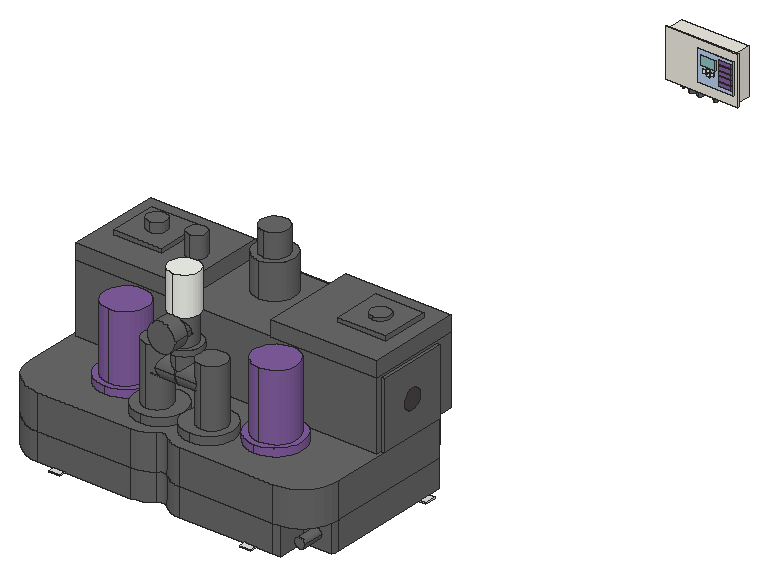
Revit family "11012", category Generic Models, Revit 2021
Family settings
  Can host rebar = No
  Round Connector Dimension = Use Diameter
  Part Type = Normal
  Work Plane-Based = No
  Always vertical = Yes
  Cut with Voids When Loaded = No
  Shared = Yes
  Room Calculation Point = No
Parameters (values of type "11012")
  SUPPLIER = "KESSEL"
  SA700ID49 = "Protection Class I"
  SA700ID48 = "no"
  SA700ID47 = "no"
  SA700ID46 = "yes"
  SA700ID37 = 7000 mm
  SA700ID34 = 38
  SA700ID33 = 1.6 W
  SA700ID32 = 111.59 kg
  SA700ID31 = 1
  SA700ID30 = 2
  SA700ID29 = "RWDR"
  SA700ID21 = 700
  SA700ID10 = "No"
  SA700ID08 = 230 V
  PROCUREWEBLINK = "https://p.caden.as/kessel/11012"
  PROCURELINK = "p.caden.as/kessel/11012"
  PROCUREDATALASTUPDATE = "2024-05-22T12:17:49.690362474+01:00"
  PREVIEW = "../../bilder/ksb_w_11012.png"
  PRC_SPECIFICATIONLINK = "https://ausschreiben.de/catalog/kessel/catalogItem/db8012bd-9644-458f-8165-6082f4fd1b46"
  NN = "Lifting station Aqualift F XL"
  NBSYN = "$SA810ID03."
  NB = "11012"
  Model = "11012"
  Manufacturer = "KESSEL"
  MIdent = "{$CADENAS_DATA/23d-libs/kessel/kessel_vdi_import/4/entwaesserung/hebeanlage20aqualift20f20xl.prj},201 {STYP=ASS},{VTYP=3D},{NB=11012},{LINA=11012},{NN=Lifting station Aqualift F XL},{DATE=21.11.2022 10:48:11},{GEOMDATE=21.11.2022 10:48:11},{VERSION=},{LINEID=350},{WBVAR=LODLEVEL},{WBNUMERIC=LODLEVEL}  {NB=11012},{LINA=11012},{KT=DUMMY},{PREVIEW=../../bilder/ksb_w_11012.png},{SA700ID04=Hebeanlage Aqualift F XL 300 l, Duo, SPF 1400-S3, Schieber},{SA810ID06=04026092056790},{SA700ID34=38.00},{SA010ID03=201805},{SA810ID03=11012},{SA810ID10=Aqualift F XL 1400W-S3 Duo 300L m.S.KESSEL Aqualift F XL Hebeanlage für fäkalienhaltiges und fäkalienfreies Abwasser. Zur Aufstellung in frostgeschützten Räumen.Duoanlage mit zwei Pumpen des Typs SPF 1400-S3 Sammelbehälter aus Polyethylen, mit verschraubter Reinigungsöffnung,Anschlussstutzen für Zulauf von oben DN100/150.Inklusive Tauchrohr zur pneumatischen Niveauerfassung,Entlüftungsanschluss DN 70 und Anschluss für eine Handmembranpumpe DN 32.Behälter inklusive Haltewinkel zur Auftriebssicherung.Behältervolumen 300 Liter, max. Nutzvolumen bei Zulauf von oben ca. 175 Liter.Zwei seitliche und drei rückseitige Anbohrflächen zur Montage weiterer Zuläufe bis DN 200 unter Verwendung von Durchgangsdichtungen.Inklusive KESSEL Schaltgerät Aqualift Comfort 230 V.Anwenderfreundliche Menüführung im mehrzeiligem Display. MitSelbstdiagnosesystem (SDS) und Erinnerungsfunktion für nächste Wartung.Anzeige der aktuellen Messwerte. Einfache Einstellung derfunktionsrelevanten Parameter, inklusive Betriebsstundenzähler und Anschlussmöglichkeit für potentialfreien Kontakt. OptionaleWeiterleitung von Alarm- und Sammelstörmeldung über GSM Schnittstelle.Schaltgerät mit Volltextanzeige in sechs Sprachen.Abwasserpumpe(n) mit Freistromrad zur Förderung von fäkalienfreiem und fäkalienhaltigem Abwasser gemäß DIN EN 12050-1. Freier Kugeldurchgang mindestens 40 mm. Pumpe(n) überflutungssicher. Inklusive Rückflussverhinderer, mit Druckabgang aus Kunststoff DN 100. Inklusive Absperrschieber.Pumpe(n) Typ SPF 1400-S3Fördermenge: max. 38 m³/hFörderhöhe: max. 7 mNennleistung (P2): 1,1 KW je PumpeAufnahmeleistung (P1): 1,6 KW je PumpeBetriebsspannung: 230 V WSNennfrequenz: 50 HzNennstrom: 7,3 AAbsicherung: 1 x 16 A trägeSchutzart (Pumpe): IP68 3mWS/48hSchutzart (Schaltgerät): IP 65Bertiebsart: S3 (50 % Einschaltdauer)Kabellänge: 5 mAußenmaße Anlage mit 300 Liter Behälter (BxTxH): 1260 x 760 x 770 mm},{SA700ID37=7.00},{SA700ID33=1.60},{SA700ID08=230},{SA700ID30=2},{SA700ID32=111.59},{SA700ID49=Schutzklasse I},{SA700ID50=nein},{SA200ID03=6},{SA250ID03=vertikal},{SA260ID03=Trockenläuferpumpe},{SA350ID03=normalansaugend},{SA400ID03=E-Motor für Wechselstrom},{SA460ID03=direkt},{SA500ID03=Kunststoff, Edelstahl},{SA700ID06=100},{SA700ID07=100},{SA700ID09=1/N/PE 230V},{SA700ID10=Nein},{SA700ID11=50},{SA700ID12=IP 68},{SA700ID13=F},{SA700ID15=40},{SA700ID21=700.00},{SA700ID22=1.10},{SA700ID23=1370},{SA700ID24=1370},{SA700ID26=7.30},{SA700ID27=23.00},{SA700ID28=durchgehend},{SA700ID29=RWDR},{SA700ID31=1},{SA700ID46=ja},{SA700ID47=nein},{SA700ID48=nein},{SA110ID04=Hebeanlage Aqualift F XL},{SA300ID03=einstufig},{SA700ID44=10.00},{SA700ID45=10.00},{SA010ID04=KESSEL AG},{LODLEVEL=200},{LINK=https://www.kessel.de/info?han=11012},{SA970ID01=970},{SA970ID02=7172},{SA970ID03=11012},{SA970ID04=11002617},{SA970ID05=QUAD},{SA970ID06=-655.51},{SA970ID07=-635.99},{SA970ID08=0},{SA970ID09=1},{SA970ID10=0},{SA970ID11=0},{SA970ID12=0},{SA970ID13=1},{SA970ID14=0},{SA970ID15=1311.02},{SA970ID16=785.99},{SA970ID17=818.99},{LODLEVEL_=200,'Low'},{LODLEVEL_DEU=200,'Low'},{LINK_=https://www.kessel.de/info?han=11012},{LINK_DEU=https://www.kessel.de/info?han=11012},{LODLEVEL_3DB=11012_200},{DNIN1=100},{DNIN2=70},{DNIN4=10},{DNIN5=10},{DNIN6=50},{DNIN7=50},{DNIN8=50},{DNIN9=50},{DNOUT1=32},{DNOUT2=100},{DNOUT3=70},{ISD1=96},{ISD2=10},{ISDOUT1=40},{ISDOUT2=60},{ISDOUT3=65},{SA010ID01=010},{SA010ID02=4},{SA010ID06=www.kessel.de},{SA010ID07=www.kessel.de},{SA010ID12=20180713},{SA010ID13=DEU},{SA010ID14=DE},{SA100ID01=100},{SA100ID02=4},{SA100ID04=Entwässerung},{SA110ID01=110},{SA110ID02=6},{SA200ID01=200},{SA200ID02=6},{SA250ID01=250},{SA250ID02=2},{SA260ID01=260},{SA260ID02=2},{SA300ID01=300},{SA300ID02=1},{SA350ID01=350},{SA350ID02=1},{SA400ID01=400},{SA400ID02=1},{SA460ID01=460},{SA460ID02=1},{SA500ID01=500},{SA500ID02=1},{SA700ID01=700},{SA700ID02=42},{SA700ID10_=0},{SA700ID16=0},{SA700ID25=0},{SA700ID46_=1},{SA700ID47_=0},{SA700ID48_=0},{SA700ID49_=1},{SA700ID50_=0},{SA800ID01=800},{SA800ID02=6},{SA810ID01=810},{SA810ID02=42},{SA810ID04=11012},{SA810ID07=42},{SA810ID09=1},{SA810ID14=PCE},{SA810ID15=1},{SA810ID16=NMP},{SA960ID03=42},{SA960ID04=3L},{SA960ID08=https://www.kessel.de/info?han=11012},{SA010ID08=4026092000007},{SA100ID05=Hebeanlage},{SA110ID06=Hebeanlage}"
  LINK = "https://www.kessel.de/info?han=11012"
  LINA = "11012"
  Default Elevation = 0 mm
  CREATOR = "CADENAS GmbH"
  CATALOG = "KESSEL"
  BOMINFO = "LINA"
  ARTICLENO = "NB"
  4.810.00.9 Order quantity (multiplicator) = "1"
  4.810.00.7 Media- connection number = "42"
  4.810.00.6 GTIN number = "04026092056790"
  4.810.00.4 DATANORM number = "11012"
  4.810.00.3 Producer order number = "11012"
  4.710.03.7 Mass (net) = 111.59 kg
  4.710.03.6 Height = 806 mm
  4.710.03.5 Width = 760 mm
  4.710.03.4 Length = 1260 mm
  4.710.03.3 Type of dimensions = "2"
  4.710.02.8 Area of application of wastewater pump = "1"
  4.710.02.7 Art des S2/S3-Betriebs = "50 %"
  4.710.02.6 Duty type = "S3"
  4.710.02.5 Cutting device = "0"
  4.710.02.4 Attached pump control = "1"
  4.710.02.3 Free passage = 40 mm
  4.710.01.6 Option to connect to building automation = "40"
  4.710.01.5 Load regulation = "0"
  4.710.01.4 Designation of closed-loop control = "175"
  4.710.01.3 Identifier for closed-loop control = "300"
  4.700.00.9 Voltage = 0
  4.700.00.8 Nominal connection size on suction side = "100"
  4.700.00.7 Nominal connection size on pressure side = "100"
  4.700.00.6 Type of connection = "100"
  4.700.00.4 Product indentification = "Hebeanlage Aqualift F XL 300 l, Duo, SPF 1400-S3, Schieber"
  4.700.00.28 Motor pump shaft = "durchgehend"
  4.700.00.27 Starting current = 23
  4.700.00.26 Maximum power consumption per pump / drive = 7.3
  4.700.00.25 Minimum speed at internal speed adjustment = 0
  4.700.00.24 Nominal speed / maximum speed n = 22.8333
  4.700.00.23 Nominal speed of motor = 22.8333
  4.700.00.22 Maximum shaft output (P2) per pump/drive = 1.1 W
  4.700.00.16 Maximum temperature of pumped medium = 0 °C
  4.700.00.15 Increased safety class = "40 °C"
  4.700.00.13 Type of protection = "F"
  4.700.00.12 Frequency = 0
  4.700.00.11 Stern-/Dreieck-Anlaufschaltung bei Dreiphasenanschluss oder Drehstrom = "50 Hz"
  4.700.00.10 Phase = "0"
  4.500.00.3 Variant / Variant type / Accessories-name = "Kunststoff, Edelstahl"
  4.460.00.3 Variant / Variant type / Accessories-name = "direkt"
  4.400.00.3 Variant / Variant type / Accessories-name = "E-Motor für Wechselstrom"
  4.350.00.3 Variant / Variant type / Accessories-name = "normalansaugend"
  4.300.00.3 Variant / Variant type / Accessories-name = "einstufig"
  4.260.00.3 Variant / Variant type / Accessories-name = "Trockenläuferpumpe"
  4.250.00.3 Variant / Variant type / Accessories-name = "vertikal"
  4.200.00.3 Variant / Variant type / Accessories-name = "6"
  4.110.00.6 Product classification = "Hebeanlage"
  4.110.00.4 Product indentification = "Hebeanlage Aqualift F XL"
  4.100.00.5 Main groups of wares = "Hebeanlage"
  4.100.00.4 Product indentification = "Entwässerung"
  4.010.00.8 Producer ID number = "4026092000007"
  4.010.00.7 Comment = "www.kessel.de"
  4.010.00.6 Web address of the manufacturer = "www.kessel.de"
  4.010.00.4 Manufacturer name = "KESSEL AG"
  4.010.00.3 Date of issuance (month) of guideline = "201805"
  4.010.00.2 Sheet number of the guideline = "4"
  4.010.00.14 Kennungen der Projektländer, für die die Datei gültig ist = "DE"
  4.010.00.13 Sprache der Datei = "DEU"
  4.010.00.12 Stand des Herstellerkatalogs = "20180713"
Reference planes
  plane 1 "Center (Front/Back)": y = 0
  plane 2: z = 0
  plane 3 "Center (Left/Right)": x = 0
Dimensions and locks
  aligned and locked: level to plane 2
Nested families
  nested 1: "11012_content" at (0, 0, 0), type "11012_Content"
  nested 2: "11012_part1_X0Y0" at (1000, 1000, 1200), type "11012_PART1_X0Y0"
  nested 3: "11012_part2_X0Y0" at (0, 0, 0), type "11012_PART2_X0Y0"
Connectors
  electrical at (896, 972.5, 1160.5)
    settings: on nested 2, index 1, voltage 230 V, apparent load 0 VA, apparent load phase1 0 VA, apparent load phase2 0 VA, apparent load phase3 0 VA, power factor 1, load classification "Other", number of poles 3, system type 31, power factor state 1, is connector primary yes, connector utility no, sub classification motor no, connector description ""
  piping at (0, 0, 771), diameter 100
    settings: on nested 3, index 2, connector inside diameter 609.6 mm, connector length 0 mm, flow factor 0, pipe flow 0.0 L/s, pressure drop 0.0 Pa, fitting loss kfactor 0, connector angle 0.00°, fixture units 0, engagement length 0 mm, angle of deflection 0.00°, flow configuration 0, flow direction 1, fitting loss method 2, system type 8, joint type 0, gender type 0, connector reference index -1, connector utility 0, adjustable connector no, is connector primary yes, connector description ""
  piping at (631, -85, 392), diameter 70
    settings: on nested 3, index 3, connector inside diameter 609.6 mm, connector length 0 mm, flow factor 0, pipe flow 0.0 L/s, pressure drop 0.0 Pa, fitting loss kfactor 0, connector angle 0.00°, fixture units 0, engagement length 0 mm, angle of deflection 0.00°, flow configuration 0, flow direction 0, fitting loss method 2, system type 8, joint type 0, gender type 0, connector reference index -1, connector utility 0, adjustable connector no, is connector primary no, connector description ""
  piping at (358.7, 150.5, 392), diameter 70
    settings: on nested 3, index 4, connector inside diameter 609.6 mm, connector length 0 mm, flow factor 0, pipe flow 0.0 L/s, pressure drop 0.0 Pa, fitting loss kfactor 0, connector angle 0.00°, fixture units 0, engagement length 0 mm, angle of deflection 0.00°, flow configuration 0, flow direction 0, fitting loss method 2, system type 8, joint type 0, gender type 0, connector reference index -1, connector utility 0, adjustable connector no, is connector primary no, connector description ""
  piping at (0, 150.5, 392), diameter 70
    settings: on nested 3, index 5, connector inside diameter 609.6 mm, connector length 0 mm, flow factor 0, pipe flow 0.0 L/s, pressure drop 0.0 Pa, fitting loss kfactor 0, connector angle 0.00°, fixture units 0, engagement length 0 mm, angle of deflection 0.00°, flow configuration 0, flow direction 0, fitting loss method 2, system type 8, joint type 0, gender type 0, connector reference index -1, connector utility 0, adjustable connector no, is connector primary no, connector description ""
  piping at (-357.7, 150.5, 392), diameter 70
    settings: on nested 3, index 6, connector inside diameter 609.6 mm, connector length 0 mm, flow factor 0, pipe flow 0.0 L/s, pressure drop 0.0 Pa, fitting loss kfactor 0, connector angle 0.00°, fixture units 0, engagement length 0 mm, angle of deflection 0.00°, flow configuration 0, flow direction 0, fitting loss method 2, system type 8, joint type 0, gender type 0, connector reference index -1, connector utility 0, adjustable connector no, is connector primary no, connector description ""
  piping at (-630, -85, 392), diameter 70
    settings: on nested 3, index 7, connector inside diameter 609.6 mm, connector length 0 mm, flow factor 0, pipe flow 0.0 L/s, pressure drop 0.0 Pa, fitting loss kfactor 0, connector angle 0.00°, fixture units 0, engagement length 0 mm, angle of deflection 0.00°, flow configuration 0, flow direction 0, fitting loss method 2, system type 8, joint type 0, gender type 0, connector reference index -1, connector utility 0, adjustable connector no, is connector primary no, connector description ""
  piping at (0, -578, 611), diameter 100
    settings: on nested 3, index 8, connector inside diameter 609.6 mm, connector length 0 mm, flow factor 0, pipe flow 0.0 L/s, pressure drop 0.0 Pa, fitting loss kfactor 0, connector angle 0.00°, fixture units 0, engagement length 0 mm, angle of deflection 0.00°, flow configuration 0, flow direction 2, fitting loss method 2, system type 7, joint type 0, gender type 0, connector reference index -1, connector utility 0, adjustable connector no, is connector primary no, connector description ""
  piping at (-269.5, -60, 681), diameter 70
    settings: on nested 3, index 9, connector inside diameter 609.6 mm, connector length 0 mm, flow factor 0, pipe flow 0.0 L/s, pressure drop 0.0 Pa, fitting loss kfactor 0, connector angle 0.00°, fixture units 0, engagement length 0 mm, angle of deflection 0.00°, flow configuration 0, flow direction 2, fitting loss method 2, system type 7, joint type 0, gender type 0, connector reference index -1, connector utility 0, adjustable connector no, is connector primary no, connector description ""
  piping at (565, -575.5, 56), diameter 32
    settings: on nested 3, index 10, connector inside diameter 609.6 mm, connector length 0 mm, flow factor 0, pipe flow 0.0 L/s, pressure drop 0.0 Pa, fitting loss kfactor 0, connector angle 0.00°, fixture units 0, engagement length 0 mm, angle of deflection 0.00°, flow configuration 0, flow direction 2, fitting loss method 2, system type 7, joint type 0, gender type 0, connector reference index -1, connector utility 0, adjustable connector no, is connector primary no, connector description ""
  electrical at (305.4, -376.25, 557)
    settings: on nested 3, index 11, voltage 0 V, apparent load 0 VA, apparent load phase1 0 VA, apparent load phase2 0 VA, apparent load phase3 0 VA, power factor 1, load classification "Other", number of poles 1, system type 31, power factor state 1, is connector primary no, connector utility no, sub classification motor no, connector description ""
  electrical at (-305.4, -376.25, 557)
    settings: on nested 3, index 12, voltage 0 V, apparent load 0 VA, apparent load phase1 0 VA, apparent load phase2 0 VA, apparent load phase3 0 VA, power factor 1, load classification "Other", number of poles 1, system type 31, power factor state 1, is connector primary no, connector utility no, sub classification motor no, connector description ""
  electrical at (-457, -29.5, 650)
    settings: on nested 3, index 13, voltage 0 V, apparent load 0 VA, apparent load phase1 0 VA, apparent load phase2 0 VA, apparent load phase3 0 VA, power factor 1, load classification "Other", number of poles 1, system type 31, power factor state 1, is connector primary no, connector utility no, sub classification motor no, connector description ""
Definition of nested family "11012_part1_X0Y0"
  Parameters (values of type "11012_PART1_X0Y0")
    SUPPLIER = "KESSEL"
    SA700ID49 = "Protection Class I"
    SA700ID48 = "no"
    SA700ID47 = "no"
    SA700ID46 = "yes"
    SA700ID37 = 7000 mm
    SA700ID34 = 38
    SA700ID33 = 1.6 W
    SA700ID32 = 111.59 kg
    SA700ID31 = 1
    SA700ID30 = 2
    SA700ID29 = "RWDR"
    SA700ID21 = 700
    SA700ID10 = "No"
    SA700ID08 = 230 V
    PREVIEW = "../../bilder/ksb_w_11012.png"
    NBSYN = "$SA810ID03._PART1"
    NB = "11012_PART1"
    Model = "11012_PART1"
    Manufacturer = "KESSEL"
    MIdent = "{$CADENAS_DATA/23d-libs/kessel/kessel_vdi_import/4/entwaesserung/hebeanlage20aqualift20f20xl.prj},221 {VTYP=3D},{NB=11012_PART1},{LINA=11012_PART1},{NN=Lifting station Aqualift F XL_PART1},{NOPRJ=TRUE},{DATE=21.11.2022 10:48:11},{GEOMDATE=21.11.2022 10:48:11},{VERSION=},{LINEID=350},{WBVAR=LODLEVEL},{WBNUMERIC=LODLEVEL}  {NB=11012_PART1},{LINA=11012_PART1},{KT=DUMMY},{PREVIEW=../../bilder/ksb_w_11012.png},{SA700ID04=Hebeanlage Aqualift F XL 300 l, Duo, SPF 1400-S3, Schieber},{SA810ID06=04026092056790},{SA700ID34=38.00},{SA010ID03=201805},{SA810ID03=11012},{SA810ID10=Aqualift F XL 1400W-S3 Duo 300L m.S.KESSEL Aqualift F XL Hebeanlage für fäkalienhaltiges und fäkalienfreies Abwasser. Zur Aufstellung in frostgeschützten Räumen.Duoanlage mit zwei Pumpen des Typs SPF 1400-S3 Sammelbehälter aus Polyethylen, mit verschraubter Reinigungsöffnung,Anschlussstutzen für Zulauf von oben DN100/150.Inklusive Tauchrohr zur pneumatischen Niveauerfassung,Entlüftungsanschluss DN 70 und Anschluss für eine Handmembranpumpe DN 32.Behälter inklusive Haltewinkel zur Auftriebssicherung.Behältervolumen 300 Liter, max. Nutzvolumen bei Zulauf von oben ca. 175 Liter.Zwei seitliche und drei rückseitige Anbohrflächen zur Montage weiterer Zuläufe bis DN 200 unter Verwendung von Durchgangsdichtungen.Inklusive KESSEL Schaltgerät Aqualift Comfort 230 V.Anwenderfreundliche Menüführung im mehrzeiligem Display. MitSelbstdiagnosesystem (SDS) und Erinnerungsfunktion für nächste Wartung.Anzeige der aktuellen Messwerte. Einfache Einstellung derfunktionsrelevanten Parameter, inklusive Betriebsstundenzähler und Anschlussmöglichkeit für potentialfreien Kontakt. OptionaleWeiterleitung von Alarm- und Sammelstörmeldung über GSM Schnittstelle.Schaltgerät mit Volltextanzeige in sechs Sprachen.Abwasserpumpe(n) mit Freistromrad zur Förderung von fäkalienfreiem und fäkalienhaltigem Abwasser gemäß DIN EN 12050-1. Freier Kugeldurchgang mindestens 40 mm. Pumpe(n) überflutungssicher. Inklusive Rückflussverhinderer, mit Druckabgang aus Kunststoff DN 100. Inklusive Absperrschieber.Pumpe(n) Typ SPF 1400-S3Fördermenge: max. 38 m³/hFörderhöhe: max. 7 mNennleistung (P2): 1,1 KW je PumpeAufnahmeleistung (P1): 1,6 KW je PumpeBetriebsspannung: 230 V WSNennfrequenz: 50 HzNennstrom: 7,3 AAbsicherung: 1 x 16 A trägeSchutzart (Pumpe): IP68 3mWS/48hSchutzart (Schaltgerät): IP 65Bertiebsart: S3 (50 % Einschaltdauer)Kabellänge: 5 mAußenmaße Anlage mit 300 Liter Behälter (BxTxH): 1260 x 760 x 770 mm},{SA700ID37=7.00},{SA700ID33=1.60},{SA700ID08=230},{SA700ID30=2},{SA700ID32=111.59},{SA700ID49=Schutzklasse I},{SA700ID50=nein},{SA200ID03=6},{SA250ID03=vertikal},{SA260ID03=Trockenläuferpumpe},{SA350ID03=normalansaugend},{SA400ID03=E-Motor für Wechselstrom},{SA460ID03=direkt},{SA500ID03=Kunststoff, Edelstahl},{SA700ID06=100},{SA700ID07=100},{SA700ID09=1/N/PE 230V},{SA700ID10=Nein},{SA700ID11=50},{SA700ID12=IP 68},{SA700ID13=F},{SA700ID15=40},{SA700ID21=700.00},{SA700ID22=1.10},{SA700ID23=1370},{SA700ID24=1370},{SA700ID26=7.30},{SA700ID27=23.00},{SA700ID28=durchgehend},{SA700ID29=RWDR},{SA700ID31=1},{SA700ID46=ja},{SA700ID47=nein},{SA700ID48=nein},{SA110ID04=Hebeanlage Aqualift F XL},{SA300ID03=einstufig},{SA700ID44=10.00},{SA700ID45=10.00},{SA010ID04=KESSEL AG},{LODLEVEL=200},{LINK=https://www.kessel.de/info?han=11012},{SA970ID01=970},{SA970ID02=7172},{SA970ID03=11012},{SA970ID04=11002617},{SA970ID05=QUAD},{SA970ID06=-655.51},{SA970ID07=-635.99},{SA970ID08=0},{SA970ID09=1},{SA970ID10=0},{SA970ID11=0},{SA970ID12=0},{SA970ID13=1},{SA970ID14=0},{SA970ID15=1311.02},{SA970ID16=785.99},{SA970ID17=818.99},{LODLEVEL_=200,'Low'},{LODLEVEL_DEU=200,'Low'},{LINK_=https://www.kessel.de/info?han=11012},{LINK_DEU=https://www.kessel.de/info?han=11012},{LODLEVEL_3DB=11012_200},{DNIN1=100},{DNIN2=70},{DNIN4=10},{DNIN5=10},{DNIN6=50},{DNIN7=50},{DNIN8=50},{DNIN9=50},{DNOUT1=32},{DNOUT2=100},{DNOUT3=70},{ISD1=96},{ISD2=10},{ISDOUT1=40},{ISDOUT2=60},{ISDOUT3=65},{SA010ID01=010},{SA010ID02=4},{SA010ID06=www.kessel.de},{SA010ID07=www.kessel.de},{SA010ID12=20180713},{SA010ID13=DEU},{SA010ID14=DE},{SA100ID01=100},{SA100ID02=4},{SA100ID04=Entwässerung},{SA110ID01=110},{SA110ID02=6},{SA200ID01=200},{SA200ID02=6},{SA250ID01=250},{SA250ID02=2},{SA260ID01=260},{SA260ID02=2},{SA300ID01=300},{SA300ID02=1},{SA350ID01=350},{SA350ID02=1},{SA400ID01=400},{SA400ID02=1},{SA460ID01=460},{SA460ID02=1},{SA500ID01=500},{SA500ID02=1},{SA700ID01=700},{SA700ID02=42},{SA700ID10_=0},{SA700ID16=0},{SA700ID25=0},{SA700ID46_=1},{SA700ID47_=0},{SA700ID48_=0},{SA700ID49_=1},{SA700ID50_=0},{SA800ID01=800},{SA800ID02=6},{SA810ID01=810},{SA810ID02=42},{SA810ID04=11012},{SA810ID07=42},{SA810ID09=1},{SA810ID14=PCE},{SA810ID15=1},{SA810ID16=NMP},{SA960ID03=42},{SA960ID04=3L},{SA960ID08=https://www.kessel.de/info?han=11012},{SA010ID08=4026092000007},{SA100ID05=Hebeanlage},{SA110ID06=Hebeanlage}"
    LINK = "https://www.kessel.de/info?han=11012"
    LINA = "11012_PART1"
    Default Elevation = 1219.2 mm
    CREATOR = "CADENAS GmbH"
    CATALOG = "KESSEL"
    BOMINFO = "LINA"
    ARTICLENO = "NB"
    4.810.00.9 Order quantity (multiplicator) = "1"
    4.810.00.7 Media- connection number = "42"
    4.810.00.6 GTIN number = "04026092056790"
    4.810.00.4 DATANORM number = "11012"
    4.810.00.3 Producer order number = "11012"
    4.710.03.7 Mass (net) = 111.59 kg
    4.710.03.6 Height = 806 mm
    4.710.03.5 Width = 760 mm
    4.710.03.4 Length = 1260 mm
    4.710.03.3 Type of dimensions = "2"
    4.710.02.8 Area of application of wastewater pump = "1"
    4.710.02.7 Art des S2/S3-Betriebs = "50 %"
    4.710.02.6 Duty type = "S3"
    4.710.02.5 Cutting device = "0"
    4.710.02.4 Attached pump control = "1"
    4.710.02.3 Free passage = 40 mm
    4.710.01.6 Option to connect to building automation = "40"
    4.710.01.5 Load regulation = "0"
    4.710.01.4 Designation of closed-loop control = "175"
    4.710.01.3 Identifier for closed-loop control = "300"
    4.700.00.9 Voltage = 0
    4.700.00.8 Nominal connection size on suction side = "100"
    4.700.00.7 Nominal connection size on pressure side = "100"
    4.700.00.6 Type of connection = "100"
    4.700.00.4 Product indentification = "Hebeanlage Aqualift F XL 300 l, Duo, SPF 1400-S3, Schieber"
    4.700.00.28 Motor pump shaft = "durchgehend"
    4.700.00.27 Starting current = 23
    4.700.00.26 Maximum power consumption per pump / drive = 7.3
    4.700.00.25 Minimum speed at internal speed adjustment = 0
    4.700.00.24 Nominal speed / maximum speed n = 22.8333
    4.700.00.23 Nominal speed of motor = 22.8333
    4.700.00.22 Maximum shaft output (P2) per pump/drive = 1.1 W
    4.700.00.16 Maximum temperature of pumped medium = 0 °C
    4.700.00.15 Increased safety class = "40 °C"
    4.700.00.13 Type of protection = "F"
    4.700.00.12 Frequency = 0
    4.700.00.11 Stern-/Dreieck-Anlaufschaltung bei Dreiphasenanschluss oder Drehstrom = "50 Hz"
    4.700.00.10 Phase = "0"
    4.500.00.3 Variant / Variant type / Accessories-name = "Kunststoff, Edelstahl"
    4.460.00.3 Variant / Variant type / Accessories-name = "direkt"
    4.400.00.3 Variant / Variant type / Accessories-name = "E-Motor für Wechselstrom"
    4.350.00.3 Variant / Variant type / Accessories-name = "normalansaugend"
    4.300.00.3 Variant / Variant type / Accessories-name = "einstufig"
    4.260.00.3 Variant / Variant type / Accessories-name = "Trockenläuferpumpe"
    4.250.00.3 Variant / Variant type / Accessories-name = "vertikal"
    4.200.00.3 Variant / Variant type / Accessories-name = "6"
    4.110.00.6 Product classification = "Hebeanlage"
    4.110.00.4 Product indentification = "Hebeanlage Aqualift F XL"
    4.100.00.5 Main groups of wares = "Hebeanlage"
    4.100.00.4 Product indentification = "Entwässerung"
    4.010.00.8 Producer ID number = "4026092000007"
    4.010.00.7 Comment = "www.kessel.de"
    4.010.00.6 Web address of the manufacturer = "www.kessel.de"
    4.010.00.4 Manufacturer name = "KESSEL AG"
    4.010.00.3 Date of issuance (month) of guideline = "201805"
    4.010.00.2 Sheet number of the guideline = "4"
    4.010.00.14 Kennungen der Projektländer, für die die Datei gültig ist = "DE"
    4.010.00.13 Sprache der Datei = "DEU"
    4.010.00.12 Stand des Herstellerkatalogs = "20180713"
  Reference planes
    plane 1 "Center (Front/Back)": y = 0
    plane 2: z = 0
    plane 3 "Center (Left/Right)": x = 0
  Dimensions and locks
    aligned and locked: level to plane 2
  Nested families
    nested 1: "11012_part1_content" at (0, 0, 0), type "11012_PART1_Content"
  Definition of nested family "11012_part1_content"
    Parameters (values of type "11012_PART1_Content")
      SUPPLIER = "KESSEL"
      SA700ID49 = "Protection Class I"
      SA700ID48 = "no"
      SA700ID47 = "no"
      SA700ID46 = "yes"
      SA700ID37 = 7000 mm
      SA700ID34 = 38
      SA700ID33 = 1.6 W
      SA700ID32 = 111.59 kg
      SA700ID31 = 1
      SA700ID30 = 2
      SA700ID29 = "RWDR"
      SA700ID21 = 700
      SA700ID10 = "No"
      SA700ID08 = 230 V
      PREVIEW = "../../bilder/ksb_w_11012.png"
      NBSYN = "$SA810ID03._PART1"
      NB = "11012_PART1"
      Model = "11012_PART1"
      Manufacturer = "KESSEL"
      LINK = "https://www.kessel.de/info?han=11012"
      LINA = "11012_PART1"
      Default Elevation = 1219.2 mm
      CREATOR = "CADENAS GmbH"
      CATALOG = "KESSEL"
      BOMINFO = "LINA"
      ARTICLENO = "NB"
      4.810.00.9 Order quantity (multiplicator) = "1"
      4.810.00.7 Media- connection number = "42"
      4.810.00.6 GTIN number = "04026092056790"
      4.810.00.4 DATANORM number = "11012"
      4.810.00.3 Producer order number = "11012"
      4.710.03.7 Mass (net) = 111.59 kg
      4.710.03.6 Height = 806 mm
      4.710.03.5 Width = 760 mm
      4.710.03.4 Length = 1260 mm
      4.710.03.3 Type of dimensions = "2"
      4.710.02.8 Area of application of wastewater pump = "1"
      4.710.02.7 Art des S2/S3-Betriebs = "50 %"
      4.710.02.6 Duty type = "S3"
      4.710.02.5 Cutting device = "0"
      4.710.02.4 Attached pump control = "1"
      4.710.02.3 Free passage = 40 mm
      4.710.01.6 Option to connect to building automation = "40"
      4.710.01.5 Load regulation = "0"
      4.710.01.4 Designation of closed-loop control = "175"
      4.710.01.3 Identifier for closed-loop control = "300"
      4.700.00.9 Voltage = 0
      4.700.00.8 Nominal connection size on suction side = "100"
      4.700.00.7 Nominal connection size on pressure side = "100"
      4.700.00.6 Type of connection = "100"
      4.700.00.4 Product indentification = "Hebeanlage Aqualift F XL 300 l, Duo, SPF 1400-S3, Schieber"
      4.700.00.28 Motor pump shaft = "durchgehend"
      4.700.00.27 Starting current = 23
      4.700.00.26 Maximum power consumption per pump / drive = 7.3
      4.700.00.25 Minimum speed at internal speed adjustment = 0
      4.700.00.24 Nominal speed / maximum speed n = 22.8333
      4.700.00.23 Nominal speed of motor = 22.8333
      4.700.00.22 Maximum shaft output (P2) per pump/drive = 1.1 W
      4.700.00.16 Maximum temperature of pumped medium = 0 °C
      4.700.00.15 Increased safety class = "40 °C"
      4.700.00.13 Type of protection = "F"
      4.700.00.12 Frequency = 0
      4.700.00.11 Stern-/Dreieck-Anlaufschaltung bei Dreiphasenanschluss oder Drehstrom = "50 Hz"
      4.700.00.10 Phase = "0"
      4.500.00.3 Variant / Variant type / Accessories-name = "Kunststoff, Edelstahl"
      4.460.00.3 Variant / Variant type / Accessories-name = "direkt"
      4.400.00.3 Variant / Variant type / Accessories-name = "E-Motor für Wechselstrom"
      4.350.00.3 Variant / Variant type / Accessories-name = "normalansaugend"
      4.300.00.3 Variant / Variant type / Accessories-name = "einstufig"
      4.260.00.3 Variant / Variant type / Accessories-name = "Trockenläuferpumpe"
      4.250.00.3 Variant / Variant type / Accessories-name = "vertikal"
      4.200.00.3 Variant / Variant type / Accessories-name = "6"
      4.110.00.6 Product classification = "Hebeanlage"
      4.110.00.4 Product indentification = "Hebeanlage Aqualift F XL"
      4.100.00.5 Main groups of wares = "Hebeanlage"
      4.100.00.4 Product indentification = "Entwässerung"
      4.010.00.8 Producer ID number = "4026092000007"
      4.010.00.7 Comment = "www.kessel.de"
      4.010.00.6 Web address of the manufacturer = "www.kessel.de"
      4.010.00.4 Manufacturer name = "KESSEL AG"
      4.010.00.3 Date of issuance (month) of guideline = "201805"
      4.010.00.2 Sheet number of the guideline = "4"
      4.010.00.14 Kennungen der Projektländer, für die die Datei gültig ist = "DE"
      4.010.00.13 Sprache der Datei = "DEU"
      4.010.00.12 Stand des Herstellerkatalogs = "20180713"
    Reference planes
      plane 1 "Center (Front/Back)": y = 0
      plane 2: z = 0
      plane 3 "Center (Left/Right)": x = 0
    Forms (mm)
      Extrusion 1, solid, detail levels medium+fine
        sketch origin (49.8, -68, 72.1) x (0, -1, 0) y (0, 0, 1)
          loop
            line (-0.5, 12) -> (-0.5, 0) -> (1, 0) -> (1, 12) -> (-0.5, 12)
        from 0 to 12
      Extrusion 2, solid, detail levels medium+fine
        sketch origin (129.3, -67, 28.2) x (0, -1, 0) y (0, 0, 1)
          loop
            line (-0.5, 127) -> (-0.5, 0) -> (1, 0) -> (1, 127) -> (-0.5, 127)
        from 0 to 146
      Extrusion 3, solid, detail levels medium+fine
        sketch origin (33.3, -68, 80.45) x (0, -1, 0) y (0, 0, 1)
          loop
            line (-0.5, 12) -> (-0.5, 0) -> (1, 0) -> (1, 12) -> (-0.5, 12)
        from 0 to 12
      Extrusion 4, solid, detail levels medium+fine
        sketch origin (33.3, -68, 63.95) x (0, -1, 0) y (0, 0, 1)
          loop
            line (-0.5, 12) -> (-0.5, 0) -> (1, 0) -> (1, 12) -> (-0.5, 12)
        from 0 to 12
      Extrusion 5, solid, detail levels medium+fine
        sketch origin (56.3, -68, 95.45) x (0, -1, 0) y (0, 0, 1)
          loop
            line (-0.5, 37) -> (-0.5, 0) -> (1, 0) -> (1, 37) -> (-0.5, 37)
        from 0 to 60
      Extrusion 6, solid, detail levels medium+fine
        sketch origin (121.8, -68, 85.7) x (0, -1, 0) y (0, 0, 1)
          loop
            line (0, 16) -> (0, 0) -> (2, 0) -> (2, 16) -> (0, 16)
        from 0 to 51
      Extrusion 7, solid, detail levels medium+fine
        sketch origin (121.8, -68, 65.7) x (0, -1, 0) y (0, 0, 1)
          loop
            line (0, 16) -> (0, 0) -> (2, 0) -> (2, 16) -> (0, 16)
        from 0 to 51
      Extrusion 8, solid, detail levels medium+fine
        sketch origin (121.8, -68, 105.7) x (0, -1, 0) y (0, 0, 1)
          loop
            line (0, 16) -> (0, 0) -> (2, 0) -> (2, 16) -> (0, 16)
        from 0 to 51
      Extrusion 9, solid, detail levels medium+fine
        sketch origin (16.8, -68, 72.2) x (0, -1, 0) y (0, 0, 1)
          loop
            line (-0.5, 12) -> (-0.5, 0) -> (1, 0) -> (1, 12) -> (-0.5, 12)
        from 0 to 12
      Extrusion 10, solid, detail levels medium+fine
        sketch origin (121.8, -68, 45.7) x (0, -1, 0) y (0, 0, 1)
          loop
            line (0, 16) -> (0, 0) -> (2, 0) -> (2, 16) -> (0, 16)
        from 0 to 51
      Extrusion 11, solid, detail levels medium+fine
        sketch origin (147, -63.5, -7) x (0, -1, 0) y (0, 0, 1)
          loop
            line (0, 194) -> (0, 0) -> (3.5, 0) -> (3.5, 194) -> (0, 194)
        from 0 to 294
      Extrusion 12, solid, detail levels medium+fine
        sketch origin (136.25, 0, 0) x (0, -1, 0) y (0, 0, 1)
          loop
            line (0, 184) -> (0, 0) -> (63.5, 0) -> (63.5, 184) -> (0, 184)
        from 0 to 272.5
      Extrusion 13, solid, detail levels medium+fine
        sketch origin (121.75, -68, 125.75) x (0, -1, 0) y (0, 0, 1)
          loop
            line (0, 16) -> (0, 0) -> (2, 0) -> (2, 16) -> (0, 16)
        from 0 to 51
      Extrusion 14, solid, detail levels medium+fine
        sketch origin (26, -27.5, 0) x (1, 0, 0) y (0, -1, 0)
          loop
            circle (0, 0) r 11
        from 0 to 11
      Extrusion 15, solid, detail levels medium+fine
        sketch origin (26, -27.5, -11) x (1, 0, 0) y (0, -1, 0)
          loop
            circle (0, 0) r 11
        from 0 to 19.8
      Extrusion 16, solid, detail levels medium+fine
        sketch origin (26, -27.5, -30.7) x (1, 0, 0) y (0, -1, 0)
          loop
            circle (0, 0) r 6
        from 0 to 13.75
      Extrusion 17, solid, detail levels medium+fine
        sketch origin (2, -27.5, 0) x (1, 0, 0) y (0, -1, 0)
          loop
            circle (0, 0) r 11
        from 0 to 20
      Extrusion 18, solid, detail levels medium+fine
        sketch origin (2, -27.5, -20) x (1, 0, 0) y (0, -1, 0)
          loop
            circle (0, 0) r 8.65
        from 0 to 9.8
      Extrusion 19, solid, detail levels medium+fine
        sketch origin (-36, -27.5, 0) x (1, 0, 0) y (0, -1, 0)
          loop
            circle (0, 0) r 12
        from 0 to 15
      Extrusion 20, solid, detail levels medium+fine
        sketch origin (-36, -27.5, -15) x (1, 0, 0) y (0, -1, 0)
          loop
            circle (0, 0) r 11.75
        from 0 to 27.1
      Extrusion 21, solid, detail levels medium+fine
        sketch origin (54, -27.5, 0) x (1, 0, 0) y (0, -1, 0)
          loop
            circle (0, 0) r 10
        from 0 to 1.5
      Extrusion 22, solid, detail levels medium+fine
        sketch origin (-70, -27.5, 0) x (1, 0, 0) y (0, -1, 0)
          loop
            circle (0, 0) r 12
        from 0 to 15
      Extrusion 23, solid, detail levels medium+fine
        sketch origin (-70, -27.5, -15) x (1, 0, 0) y (0, -1, 0)
          loop
            circle (0, 0) r 11.75
        from 0 to 27.1
      Extrusion 24, solid, detail levels medium+fine
        sketch origin (82, -27.5, 0) x (1, 0, 0) y (0, -1, 0)
          loop
            circle (0, 0) r 10
        from 0 to 1.5
      Extrusion 25, solid, detail levels medium+fine
        sketch origin (-104, -27.5, 0) x (1, 0, 0) y (0, -1, 0)
          loop
            circle (0, 0) r 10
        from 0 to 9
      Extrusion 26, solid, detail levels medium+fine
        sketch origin (-104, -27.5, -9) x (1, 0, 0) y (0, -1, 0)
          loop
            circle (0, 0) r 11
        from 0 to 20.5
      Extrusion 27, solid, detail levels medium+fine
        sketch origin (-104, -27.5, -29.5) x (1, 0, 0) y (0, -1, 0)
          loop
            circle (0, 0) r 3
        from 0 to 10
      Extrusion 28, solid, detail levels medium+fine
        sketch origin (110, -27.5, 0) x (1, 0, 0) y (0, -1, 0)
          loop
            circle (0, 0) r 13.5
        from 0 to 1.5
      Extrusion 29, solid, detail levels coarse
        sketch origin (0, -35, -44.45) x (1, 0, 0) y (0, 1, 0)
          loop
            line (-147, -35) -> (147, -35) -> (147, 35) -> (-147, 35) -> (-147, -35)
        from 0 to 231.45
    Dimensions and locks
      aligned and locked: level to plane 2
Definition of nested family "11012_part2_X0Y0"
  Parameters (values of type "11012_PART2_X0Y0")
    SUPPLIER = "KESSEL"
    SA700ID49 = "Protection Class I"
    SA700ID48 = "no"
    SA700ID47 = "no"
    SA700ID46 = "yes"
    SA700ID37 = 7000 mm
    SA700ID34 = 38
    SA700ID33 = 1.6 W
    SA700ID32 = 111.59 kg
    SA700ID31 = 1
    SA700ID30 = 2
    SA700ID29 = "RWDR"
    SA700ID21 = 700
    SA700ID10 = "No"
    SA700ID08 = 230 V
    PREVIEW = "../../bilder/ksb_w_11012.png"
    NBSYN = "$SA810ID03._PART2"
    NB = "11012_PART2"
    Model = "11012_PART2"
    Manufacturer = "KESSEL"
    MIdent = "{$CADENAS_DATA/23d-libs/kessel/kessel_vdi_import/4/entwaesserung/hebeanlage20aqualift20f20xl.prj},221 {VTYP=3D},{NB=11012_PART2},{LINA=11012_PART2},{NN=Lifting station Aqualift F XL_PART2},{NOPRJ=TRUE},{DATE=21.11.2022 10:48:11},{GEOMDATE=21.11.2022 10:48:11},{VERSION=},{LINEID=350},{WBVAR=LODLEVEL},{WBNUMERIC=LODLEVEL}  {NB=11012_PART2},{LINA=11012_PART2},{KT=DUMMY},{PREVIEW=../../bilder/ksb_w_11012.png},{SA700ID04=Hebeanlage Aqualift F XL 300 l, Duo, SPF 1400-S3, Schieber},{SA810ID06=04026092056790},{SA700ID34=38.00},{SA010ID03=201805},{SA810ID03=11012},{SA810ID10=Aqualift F XL 1400W-S3 Duo 300L m.S.KESSEL Aqualift F XL Hebeanlage für fäkalienhaltiges und fäkalienfreies Abwasser. Zur Aufstellung in frostgeschützten Räumen.Duoanlage mit zwei Pumpen des Typs SPF 1400-S3 Sammelbehälter aus Polyethylen, mit verschraubter Reinigungsöffnung,Anschlussstutzen für Zulauf von oben DN100/150.Inklusive Tauchrohr zur pneumatischen Niveauerfassung,Entlüftungsanschluss DN 70 und Anschluss für eine Handmembranpumpe DN 32.Behälter inklusive Haltewinkel zur Auftriebssicherung.Behältervolumen 300 Liter, max. Nutzvolumen bei Zulauf von oben ca. 175 Liter.Zwei seitliche und drei rückseitige Anbohrflächen zur Montage weiterer Zuläufe bis DN 200 unter Verwendung von Durchgangsdichtungen.Inklusive KESSEL Schaltgerät Aqualift Comfort 230 V.Anwenderfreundliche Menüführung im mehrzeiligem Display. MitSelbstdiagnosesystem (SDS) und Erinnerungsfunktion für nächste Wartung.Anzeige der aktuellen Messwerte. Einfache Einstellung derfunktionsrelevanten Parameter, inklusive Betriebsstundenzähler und Anschlussmöglichkeit für potentialfreien Kontakt. OptionaleWeiterleitung von Alarm- und Sammelstörmeldung über GSM Schnittstelle.Schaltgerät mit Volltextanzeige in sechs Sprachen.Abwasserpumpe(n) mit Freistromrad zur Förderung von fäkalienfreiem und fäkalienhaltigem Abwasser gemäß DIN EN 12050-1. Freier Kugeldurchgang mindestens 40 mm. Pumpe(n) überflutungssicher. Inklusive Rückflussverhinderer, mit Druckabgang aus Kunststoff DN 100. Inklusive Absperrschieber.Pumpe(n) Typ SPF 1400-S3Fördermenge: max. 38 m³/hFörderhöhe: max. 7 mNennleistung (P2): 1,1 KW je PumpeAufnahmeleistung (P1): 1,6 KW je PumpeBetriebsspannung: 230 V WSNennfrequenz: 50 HzNennstrom: 7,3 AAbsicherung: 1 x 16 A trägeSchutzart (Pumpe): IP68 3mWS/48hSchutzart (Schaltgerät): IP 65Bertiebsart: S3 (50 % Einschaltdauer)Kabellänge: 5 mAußenmaße Anlage mit 300 Liter Behälter (BxTxH): 1260 x 760 x 770 mm},{SA700ID37=7.00},{SA700ID33=1.60},{SA700ID08=230},{SA700ID30=2},{SA700ID32=111.59},{SA700ID49=Schutzklasse I},{SA700ID50=nein},{SA200ID03=6},{SA250ID03=vertikal},{SA260ID03=Trockenläuferpumpe},{SA350ID03=normalansaugend},{SA400ID03=E-Motor für Wechselstrom},{SA460ID03=direkt},{SA500ID03=Kunststoff, Edelstahl},{SA700ID06=100},{SA700ID07=100},{SA700ID09=1/N/PE 230V},{SA700ID10=Nein},{SA700ID11=50},{SA700ID12=IP 68},{SA700ID13=F},{SA700ID15=40},{SA700ID21=700.00},{SA700ID22=1.10},{SA700ID23=1370},{SA700ID24=1370},{SA700ID26=7.30},{SA700ID27=23.00},{SA700ID28=durchgehend},{SA700ID29=RWDR},{SA700ID31=1},{SA700ID46=ja},{SA700ID47=nein},{SA700ID48=nein},{SA110ID04=Hebeanlage Aqualift F XL},{SA300ID03=einstufig},{SA700ID44=10.00},{SA700ID45=10.00},{SA010ID04=KESSEL AG},{LODLEVEL=200},{LINK=https://www.kessel.de/info?han=11012},{SA970ID01=970},{SA970ID02=7172},{SA970ID03=11012},{SA970ID04=11002617},{SA970ID05=QUAD},{SA970ID06=-655.51},{SA970ID07=-635.99},{SA970ID08=0},{SA970ID09=1},{SA970ID10=0},{SA970ID11=0},{SA970ID12=0},{SA970ID13=1},{SA970ID14=0},{SA970ID15=1311.02},{SA970ID16=785.99},{SA970ID17=818.99},{LODLEVEL_=200,'Low'},{LODLEVEL_DEU=200,'Low'},{LINK_=https://www.kessel.de/info?han=11012},{LINK_DEU=https://www.kessel.de/info?han=11012},{LODLEVEL_3DB=11012_200},{DNIN1=100},{DNIN2=70},{DNIN4=10},{DNIN5=10},{DNIN6=50},{DNIN7=50},{DNIN8=50},{DNIN9=50},{DNOUT1=32},{DNOUT2=100},{DNOUT3=70},{ISD1=96},{ISD2=10},{ISDOUT1=40},{ISDOUT2=60},{ISDOUT3=65},{SA010ID01=010},{SA010ID02=4},{SA010ID06=www.kessel.de},{SA010ID07=www.kessel.de},{SA010ID12=20180713},{SA010ID13=DEU},{SA010ID14=DE},{SA100ID01=100},{SA100ID02=4},{SA100ID04=Entwässerung},{SA110ID01=110},{SA110ID02=6},{SA200ID01=200},{SA200ID02=6},{SA250ID01=250},{SA250ID02=2},{SA260ID01=260},{SA260ID02=2},{SA300ID01=300},{SA300ID02=1},{SA350ID01=350},{SA350ID02=1},{SA400ID01=400},{SA400ID02=1},{SA460ID01=460},{SA460ID02=1},{SA500ID01=500},{SA500ID02=1},{SA700ID01=700},{SA700ID02=42},{SA700ID10_=0},{SA700ID16=0},{SA700ID25=0},{SA700ID46_=1},{SA700ID47_=0},{SA700ID48_=0},{SA700ID49_=1},{SA700ID50_=0},{SA800ID01=800},{SA800ID02=6},{SA810ID01=810},{SA810ID02=42},{SA810ID04=11012},{SA810ID07=42},{SA810ID09=1},{SA810ID14=PCE},{SA810ID15=1},{SA810ID16=NMP},{SA960ID03=42},{SA960ID04=3L},{SA960ID08=https://www.kessel.de/info?han=11012},{SA010ID08=4026092000007},{SA100ID05=Hebeanlage},{SA110ID06=Hebeanlage}"
    LINK = "https://www.kessel.de/info?han=11012"
    LINA = "11012_PART2"
    Default Elevation = 1219.2 mm
    CREATOR = "CADENAS GmbH"
    CATALOG = "KESSEL"
    BOMINFO = "LINA"
    ARTICLENO = "NB"
    4.810.00.9 Order quantity (multiplicator) = "1"
    4.810.00.7 Media- connection number = "42"
    4.810.00.6 GTIN number = "04026092056790"
    4.810.00.4 DATANORM number = "11012"
    4.810.00.3 Producer order number = "11012"
    4.710.03.7 Mass (net) = 111.59 kg
    4.710.03.6 Height = 806 mm
    4.710.03.5 Width = 760 mm
    4.710.03.4 Length = 1260 mm
    4.710.03.3 Type of dimensions = "2"
    4.710.02.8 Area of application of wastewater pump = "1"
    4.710.02.7 Art des S2/S3-Betriebs = "50 %"
    4.710.02.6 Duty type = "S3"
    4.710.02.5 Cutting device = "0"
    4.710.02.4 Attached pump control = "1"
    4.710.02.3 Free passage = 40 mm
    4.710.01.6 Option to connect to building automation = "40"
    4.710.01.5 Load regulation = "0"
    4.710.01.4 Designation of closed-loop control = "175"
    4.710.01.3 Identifier for closed-loop control = "300"
    4.700.00.9 Voltage = 0
    4.700.00.8 Nominal connection size on suction side = "100"
    4.700.00.7 Nominal connection size on pressure side = "100"
    4.700.00.6 Type of connection = "100"
    4.700.00.4 Product indentification = "Hebeanlage Aqualift F XL 300 l, Duo, SPF 1400-S3, Schieber"
    4.700.00.28 Motor pump shaft = "durchgehend"
    4.700.00.27 Starting current = 23
    4.700.00.26 Maximum power consumption per pump / drive = 7.3
    4.700.00.25 Minimum speed at internal speed adjustment = 0
    4.700.00.24 Nominal speed / maximum speed n = 22.8333
    4.700.00.23 Nominal speed of motor = 22.8333
    4.700.00.22 Maximum shaft output (P2) per pump/drive = 1.1 W
    4.700.00.16 Maximum temperature of pumped medium = 0 °C
    4.700.00.15 Increased safety class = "40 °C"
    4.700.00.13 Type of protection = "F"
    4.700.00.12 Frequency = 0
    4.700.00.11 Stern-/Dreieck-Anlaufschaltung bei Dreiphasenanschluss oder Drehstrom = "50 Hz"
    4.700.00.10 Phase = "0"
    4.500.00.3 Variant / Variant type / Accessories-name = "Kunststoff, Edelstahl"
    4.460.00.3 Variant / Variant type / Accessories-name = "direkt"
    4.400.00.3 Variant / Variant type / Accessories-name = "E-Motor für Wechselstrom"
    4.350.00.3 Variant / Variant type / Accessories-name = "normalansaugend"
    4.300.00.3 Variant / Variant type / Accessories-name = "einstufig"
    4.260.00.3 Variant / Variant type / Accessories-name = "Trockenläuferpumpe"
    4.250.00.3 Variant / Variant type / Accessories-name = "vertikal"
    4.200.00.3 Variant / Variant type / Accessories-name = "6"
    4.110.00.6 Product classification = "Hebeanlage"
    4.110.00.4 Product indentification = "Hebeanlage Aqualift F XL"
    4.100.00.5 Main groups of wares = "Hebeanlage"
    4.100.00.4 Product indentification = "Entwässerung"
    4.010.00.8 Producer ID number = "4026092000007"
    4.010.00.7 Comment = "www.kessel.de"
    4.010.00.6 Web address of the manufacturer = "www.kessel.de"
    4.010.00.4 Manufacturer name = "KESSEL AG"
    4.010.00.3 Date of issuance (month) of guideline = "201805"
    4.010.00.2 Sheet number of the guideline = "4"
    4.010.00.14 Kennungen der Projektländer, für die die Datei gültig ist = "DE"
    4.010.00.13 Sprache der Datei = "DEU"
    4.010.00.12 Stand des Herstellerkatalogs = "20180713"
  Reference planes
    plane 1 "Center (Front/Back)": y = 0
    plane 2: z = 0
    plane 3 "Center (Left/Right)": x = 0
  Dimensions and locks
    aligned and locked: level to plane 2
  Nested families
    nested 1: "11012_part2_content" at (0, 0, 0), type "11012_PART2_Content"
  Definition of nested family "11012_part2_content"
    Parameters (values of type "11012_PART2_Content")
      SUPPLIER = "KESSEL"
      SA700ID49 = "Protection Class I"
      SA700ID48 = "no"
      SA700ID47 = "no"
      SA700ID46 = "yes"
      SA700ID37 = 7000 mm
      SA700ID34 = 38
      SA700ID33 = 1.6 W
      SA700ID32 = 111.59 kg
      SA700ID31 = 1
      SA700ID30 = 2
      SA700ID29 = "RWDR"
      SA700ID21 = 700
      SA700ID10 = "No"
      SA700ID08 = 230 V
      PREVIEW = "../../bilder/ksb_w_11012.png"
      NBSYN = "$SA810ID03._PART2"
      NB = "11012_PART2"
      Model = "11012_PART2"
      Manufacturer = "KESSEL"
      LINK = "https://www.kessel.de/info?han=11012"
      LINA = "11012_PART2"
      Default Elevation = 1219.2 mm
      CREATOR = "CADENAS GmbH"
      CATALOG = "KESSEL"
      BOMINFO = "LINA"
      ARTICLENO = "NB"
      4.810.00.9 Order quantity (multiplicator) = "1"
      4.810.00.7 Media- connection number = "42"
      4.810.00.6 GTIN number = "04026092056790"
      4.810.00.4 DATANORM number = "11012"
      4.810.00.3 Producer order number = "11012"
      4.710.03.7 Mass (net) = 111.59 kg
      4.710.03.6 Height = 806 mm
      4.710.03.5 Width = 760 mm
      4.710.03.4 Length = 1260 mm
      4.710.03.3 Type of dimensions = "2"
      4.710.02.8 Area of application of wastewater pump = "1"
      4.710.02.7 Art des S2/S3-Betriebs = "50 %"
      4.710.02.6 Duty type = "S3"
      4.710.02.5 Cutting device = "0"
      4.710.02.4 Attached pump control = "1"
      4.710.02.3 Free passage = 40 mm
      4.710.01.6 Option to connect to building automation = "40"
      4.710.01.5 Load regulation = "0"
      4.710.01.4 Designation of closed-loop control = "175"
      4.710.01.3 Identifier for closed-loop control = "300"
      4.700.00.9 Voltage = 0
      4.700.00.8 Nominal connection size on suction side = "100"
      4.700.00.7 Nominal connection size on pressure side = "100"
      4.700.00.6 Type of connection = "100"
      4.700.00.4 Product indentification = "Hebeanlage Aqualift F XL 300 l, Duo, SPF 1400-S3, Schieber"
      4.700.00.28 Motor pump shaft = "durchgehend"
      4.700.00.27 Starting current = 23
      4.700.00.26 Maximum power consumption per pump / drive = 7.3
      4.700.00.25 Minimum speed at internal speed adjustment = 0
      4.700.00.24 Nominal speed / maximum speed n = 22.8333
      4.700.00.23 Nominal speed of motor = 22.8333
      4.700.00.22 Maximum shaft output (P2) per pump/drive = 1.1 W
      4.700.00.16 Maximum temperature of pumped medium = 0 °C
      4.700.00.15 Increased safety class = "40 °C"
      4.700.00.13 Type of protection = "F"
      4.700.00.12 Frequency = 0
      4.700.00.11 Stern-/Dreieck-Anlaufschaltung bei Dreiphasenanschluss oder Drehstrom = "50 Hz"
      4.700.00.10 Phase = "0"
      4.500.00.3 Variant / Variant type / Accessories-name = "Kunststoff, Edelstahl"
      4.460.00.3 Variant / Variant type / Accessories-name = "direkt"
      4.400.00.3 Variant / Variant type / Accessories-name = "E-Motor für Wechselstrom"
      4.350.00.3 Variant / Variant type / Accessories-name = "normalansaugend"
      4.300.00.3 Variant / Variant type / Accessories-name = "einstufig"
      4.260.00.3 Variant / Variant type / Accessories-name = "Trockenläuferpumpe"
      4.250.00.3 Variant / Variant type / Accessories-name = "vertikal"
      4.200.00.3 Variant / Variant type / Accessories-name = "6"
      4.110.00.6 Product classification = "Hebeanlage"
      4.110.00.4 Product indentification = "Hebeanlage Aqualift F XL"
      4.100.00.5 Main groups of wares = "Hebeanlage"
      4.100.00.4 Product indentification = "Entwässerung"
      4.010.00.8 Producer ID number = "4026092000007"
      4.010.00.7 Comment = "www.kessel.de"
      4.010.00.6 Web address of the manufacturer = "www.kessel.de"
      4.010.00.4 Manufacturer name = "KESSEL AG"
      4.010.00.3 Date of issuance (month) of guideline = "201805"
      4.010.00.2 Sheet number of the guideline = "4"
      4.010.00.14 Kennungen der Projektländer, für die die Datei gültig ist = "DE"
      4.010.00.13 Sprache der Datei = "DEU"
      4.010.00.12 Stand des Herstellerkatalogs = "20180713"
    Reference planes
      plane 1 "Center (Front/Back)": y = 0
      plane 2: z = 0
      plane 3 "Center (Left/Right)": x = 0
    Forms (mm)
      Extrusion 1, solid, detail levels medium+fine
        sketch origin (0, -460, 112.5) x (1, 0, 0) y (0, 1, 0)
          loop
            arc (-629.5, 0) -> (-585.566, -106.066) -> (-479.5, -150) r 150
            line (-479.5, -150) -> (-99.995, -150)
            arc (-99.995, -150) -> (-57.127, -141.301) -> (-21.04, -116.58) r 109.976
            arc (-21.04, -116.58) -> (0.5, -107.47) -> (22.04, -116.58) r 30.02
            arc (22.04, -116.58) -> (58.127, -141.301) -> (100.995, -150) r 109.976
            line (100.995, -150) -> (480.5, -150)
            arc (480.5, -150) -> (586.566, -106.066) -> (630.5, 0) r 150
            line (630.5, 0) -> (630.5, 512.55) -> (622.17, 517.91)
            arc (622.17, 517.91) -> (590.244, 558.152) -> (542.55, 577.23) r 99.983
            line (542.55, 577.23) -> (499.4, 582.28) -> (499.4, 600) -> (-498.4, 600) -> (-498.4, 582.28) -> (-541.55, 577.23)
            arc (-541.55, 577.23) -> (-589.244, 558.152) -> (-621.17, 517.91) r 99.983
            line (-621.17, 517.91) -> (-629.5, 512.55) -> (-629.5, 0)
        from 0 to 143.5
      Extrusion 2, solid, detail levels medium+fine
        sketch origin (0.5, -460, 1) x (1, 0, 0) y (0, 1, 0)
          loop
            arc (-630, 0) -> (-586.066, -106.066) -> (-480, -150) r 150
            line (-480, -150) -> (-100.495, -150)
            arc (-100.495, -150) -> (-57.627, -141.301) -> (-21.54, -116.58) r 109.976
            arc (-21.54, -116.58) -> (0, -107.47) -> (21.54, -116.58) r 30.02
            line (21.54, -116.58) -> (23.04, -118.1)
            arc (23.04, -118.1) -> (58.613, -141.713) -> (100.498, -150) r 109.99
            line (100.498, -150) -> (480, -150)
            arc (480, -150) -> (494.569, -149.291) -> (509, -147.17) r 150.003
            line (509, -147.17) -> (509, -32) -> (626.55, -32)
            arc (626.55, -32) -> (629.134, -16.093) -> (630, 0) r 150.261
            line (630, 0) -> (630, 512.55) -> (621.67, 517.91)
            arc (621.67, 517.91) -> (589.744, 558.152) -> (542.05, 577.23) r 99.983
            line (542.05, 577.23) -> (498.9, 582.28) -> (498.9, 600) -> (-498.9, 600) -> (-498.9, 582.28) -> (-542.05, 577.23)
            arc (-542.05, 577.23) -> (-589.744, 558.152) -> (-621.67, 517.91) r 99.983
            line (-621.67, 517.91) -> (-630, 512.55) -> (-630, 0)
        from 0 to 111.5
      Extrusion 3, solid, detail levels medium+fine
        sketch origin (100, -460, 256) x (0, 1, 0) y (-1, 0, 0)
          loop
            circle (0, 0) r 100
        from 0 to 32
      Extrusion 4, solid, detail levels medium+fine
        sketch origin (112, -460, 288) x (0, 1, 0) y (-1, 0, 0)
          loop
            circle (0, 0) r 56
        from 0 to 234
      Extrusion 5, solid, detail levels medium+fine
        sketch origin (0, -460, 440) x (0, 1, 0) y (0, 0, 1)
          loop
            circle (0, 0) r 48.5
        from 0 to 112
      Extrusion 6, solid, detail levels medium+fine
        sketch origin (0, -460, 440) x (0, 1, 0) y (-1, 0, 0)
          loop
            circle (0, 0) r 45
        from 0 to 87
      Extrusion 7, solid, detail levels medium+fine
        sketch origin (0, -460, 527) x (0, 1, 0) y (-1, 0, 0)
          loop
            circle (0, 0) r 67
        from 0 to 21
      Extrusion 8, solid, detail levels medium+fine
        sketch origin (0, -460, 548) x (0, 1, 0) y (-1, 0, 0)
          loop
            circle (0, 0) r 48
        from 0 to 115.8
      Extrusion 9, solid, detail levels medium+fine
        sketch origin (0, -460, 611) x (1, 0, 0) y (0, 0, 1)
          loop
            circle (0, 0) r 43
        from 0 to 58
      Extrusion 10, solid, detail levels medium+fine
        sketch origin (0, -518, 611) x (1, 0, 0) y (0, 0, 1)
          loop
            circle (0, 0) r 57
        from 0 to 60
      Extrusion 11, solid, detail levels medium+fine
        sketch origin (0, -460, 440) x (0, -1, 0) y (0, 0, 1)
          loop
            circle (0, 0) r 48.5
        from 0 to 112
      Extrusion 12, solid, detail levels medium+fine
        sketch origin (-112, -460, 288) x (0, -1, 0) y (1, 0, 0)
          loop
            circle (0, 0) r 56
        from 0 to 234
      Extrusion 13, solid, detail levels medium+fine
        sketch origin (-100, -460, 255) x (0, -1, 0) y (1, 0, 0)
          loop
            circle (0, 0) r 100.1
        from 0 to 33
      Extrusion 14, solid, detail levels medium+fine
        sketch origin (0, -460, 663.8) x (0, 1, 0) y (-1, 0, 0)
          loop
            circle (0, 0) r 58.5
        from 0 to 155.2
      Extrusion 15, solid, detail levels medium+fine
        sketch origin (-305.4, -376.25, 256) x (0, 1, 0) y (-1, 0, 0)
          loop
            circle (0, 0) r 110
        from 0 to 30
      Extrusion 16, solid, detail levels medium+fine
        sketch origin (-305.4, -376.25, 286) x (0, 1, 0) y (-1, 0, 0)
          loop
            circle (0, 0) r 86
        from 0 to 271
      Extrusion 17, solid, detail levels medium+fine
        sketch origin (305.4, -376.25, 256) x (0, 1, 0) y (-1, 0, 0)
          loop
            circle (0, 0) r 110
        from 0 to 30
      Extrusion 18, solid, detail levels medium+fine
        sketch origin (305.4, -376.25, 286) x (0, 1, 0) y (-1, 0, 0)
          loop
            circle (0, 0) r 86
        from 0 to 271
      Extrusion 19, solid, detail levels medium+fine
        sketch origin (-614, -248.4, 256) x (0, 1, 0) y (0, 0, 1)
          loop
            line (0, 279) -> (0, 0) -> (382.4, 0) -> (382.4, 279) -> (0, 279)
        from 0 to 1229
      Extrusion 20, solid, detail levels medium+fine
        sketch origin (-140.875, 134, 161) x (0, 1, 0) y (0, 0, 1)
          loop
            line (0, 366.75) -> (0, 0) -> (16, 0) -> (16, 366.75) -> (0, 366.75)
        from 0 to 281.75
      Extrusion 21, solid, detail levels medium+fine
        sketch origin (0, 149, 392) x (1, 0, 0) y (0, 0, -1)
          loop
            circle (0, 0) r 40
        from 0 to 1.5
      Extrusion 22, solid, detail levels medium+fine
        sketch origin (0, 0, 535) x (0, 1, 0) y (-1, 0, 0)
          loop
            circle (0, 0) r 80
        from 0 to 140
      Extrusion 23, solid, detail levels medium+fine
        sketch origin (0, 0, 675) x (0, 1, 0) y (-1, 0, 0)
          loop
            circle (0, 0) r 55
        from 0 to 96
      Extrusion 24, solid, detail levels medium+fine
        sketch origin (-498.4, 134, 161) x (0, 1, 0) y (0, 0, 1)
          loop
            line (0, 366.75) -> (0, 0) -> (16, 0) -> (16, 366.75) -> (0, 366.75)
        from 0 to 281.75
      Extrusion 25, solid, detail levels medium+fine
        sketch origin (-357.7, 149, 392) x (1, 0, 0) y (0, 0, -1)
          loop
            circle (0, 0) r 40
        from 0 to 1.5
      Extrusion 26, solid, detail levels medium+fine
        sketch origin (217.65, 134, 161) x (0, 1, 0) y (0, 0, 1)
          loop
            line (0, 366.75) -> (0, 0) -> (16, 0) -> (16, 366.75) -> (0, 366.75)
        from 0 to 281.75
      Extrusion 27, solid, detail levels medium+fine
        sketch origin (358.7, 149, 392) x (1, 0, 0) y (0, 0, -1)
          loop
            circle (0, 0) r 40
        from 0 to 1.5
      Extrusion 28, solid, detail levels medium+fine
        sketch origin (-614, -248.4, 535) x (0, 1, 0) y (0, 0, 1)
          loop
            line (0, 61) -> (0, 0) -> (382.4, 0) -> (382.4, 61) -> (0, 61)
        from 0 to 432
      Extrusion 29, solid, detail levels medium+fine
        sketch origin (-554.5, -127, 596) x (0, 1, 0) y (0, 0, 1)
          loop
            line (0, 17) -> (0, 0) -> (195, 0) -> (195, 17) -> (0, 17)
        from 0 to 195
      Extrusion 30, solid, detail levels medium+fine
        sketch origin (-457, -29.5, 613) x (0, 1, 0) y (-1, 0, 0)
          loop
            circle (0, 0) r 38
        from 0 to 37
      Extrusion 31, solid, detail levels medium+fine
        sketch origin (-269.5, -60, 596) x (0, 1, 0) y (-1, 0, 0)
          loop
            circle (0, 0) r 37.5
        from 0 to 85
      Extrusion 32, solid, detail levels medium+fine
        sketch origin (183, -248.4, 535) x (0, 1, 0) y (0, 0, 1)
          loop
            line (0, 61) -> (0, 0) -> (382.4, 0) -> (382.4, 61) -> (0, 61)
        from 0 to 432
      Extrusion 33, solid, detail levels medium+fine
        sketch origin (359.5, -127, 596) x (0, 1, 0) y (0, 0, 1)
          loop
            line (0, 17) -> (0, 0) -> (195, 0) -> (195, 17) -> (0, 17)
        from 0 to 195
      Extrusion 34, solid, detail levels medium+fine
        sketch origin (457, -29.5, 613) x (0, 1, 0) y (-1, 0, 0)
          loop
            circle (0, 0) r 38
        from 0 to 10
      Extrusion 35, solid, detail levels medium+fine
        sketch origin (413, -610, 0) x (0, -1, 0) y (0, 0, 1)
          loop
            line (0, 5) -> (0, 0) -> (26, 0) -> (26, 5) -> (0, 5)
        from 0 to 45
      Extrusion 36, solid, detail levels medium+fine
        sketch origin (-368, -610, 0) x (0, -1, 0) y (0, 0, 1)
          loop
            line (0, 5) -> (0, 0) -> (26, 0) -> (26, 5) -> (0, 5)
        from 0 to 45
      Extrusion 37, solid, detail levels medium+fine
        sketch origin (-614, 55.875, 161) x (0, -1, 0) y (0, 0, 1)
          loop
            line (0, 366.75) -> (0, 0) -> (281.75, 0) -> (281.75, 366.75) -> (0, 366.75)
        from 0 to 15.5
      Extrusion 38, solid, detail levels medium+fine
        sketch origin (-628.5, -85, 392) x (0, 1, 0) y (0, 0, -1)
          loop
            circle (0, 0) r 40
        from 0 to 1.5
      Extrusion 39, solid, detail levels medium+fine
        sketch origin (630.5, 55.875, 161) x (0, -1, 0) y (0, 0, 1)
          loop
            line (0, 366.75) -> (0, 0) -> (281.75, 0) -> (281.75, 366.75) -> (0, 366.75)
        from 0 to 15.5
      Extrusion 40, solid, detail levels medium+fine
        sketch origin (629.5, -85, 392) x (0, -1, 0) y (0, 0, -1)
          loop
            circle (0, 0) r 40
        from 0 to 1.5
      Extrusion 41, solid, detail levels medium+fine
        sketch origin (565, -492, 56) x (1, 0, 0) y (0, 0, 1)
          loop
            circle (0, 0) r 20.2
        from 0 to 83.5
      Extrusion 42, solid, detail levels medium+fine
        sketch origin (655.5, -2.5, 0) x (0, -1, 0) y (0, 0, 1)
          loop
            line (0, 5) -> (0, 0) -> (45, 0) -> (45, 5) -> (0, 5)
        from 0 to 35.5
      Extrusion 43, solid, detail levels medium+fine
        sketch origin (-620, -2.5, 0) x (0, -1, 0) y (0, 0, 1)
          loop
            line (0, 5) -> (0, 0) -> (45, 0) -> (45, 5) -> (0, 5)
        from 0 to 35.5
      Extrusion 44, solid, detail levels coarse
        sketch origin (0, -242.75, 0) x (1, 0, 0) y (0, 1, 0)
          loop
            line (-655.5, -393.25) -> (655.5, -393.25) -> (655.5, 393.25) -> (-655.5, 393.25) -> (-655.5, -393.25)
        from 0 to 819
    Dimensions and locks
      aligned and locked: level to plane 2
